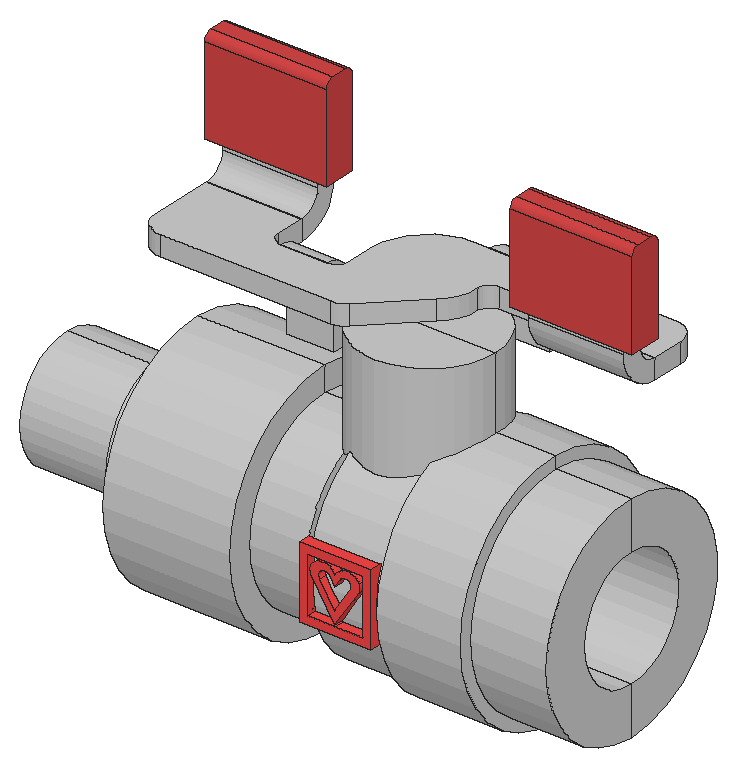
Revit family "Kugelhahn mit Knebelgriff (Blech) 2211", category Rohrzubehör, Revit 2019
Family settings
  Bemaßung runder Anschluss = Durchmesser verwenden
  Teiletyp = Unterbricht
  OmniClass-Nummer = 23.65.55.14
  OmniClass-Titel = Valves for Liquid Services
  Arbeitsebenenbasiert = Nein
  Immer vertikal = Ja
  Beim Laden mit Abzugskörper schneiden = Nein
  Gemeinsam genutzt = Nein
Parameters
  Min.Betriebstemperatur (Wasser) = 0.5 °C  # constant formula
  Min.Betriebstemperatur = -30 °C  # constant formula
  Max.Betriebstemperatur (Wasser - kein Dampf) = 110 °C  # constant formula
  Max.Betriebstemperatur = 150 °C  # constant formula
  Max.Betriebsdruck (Verschraubung) = 1600000.0 Pa  # constant formula
  Max.Betriebsdruck = 2500000.0 Pa  # constant formula
  W01 = 135.00°  # constant formula
  VRL02 [instance] = size_lookup("2211_3X_", "VRL2", 1.000 mm, Nennweite)  # 16.500 mm
  VRL01 [instance] = size_lookup("2211_3X_", "VRL1", 1.000 mm, Nennweite)  # 16.000 mm
  VRD02 [instance] = size_lookup("2211_3X_", "VRD2", 1.000 mm, Nennweite)  # 15.000 mm
  VRD01 [instance] = size_lookup("2211_3X_", "VRD1", 1.000 mm, Nennweite)  # 10.500 mm
  URL = "www.herz-armaturen.at"
  Spindeldichtung = "PTFE"  # constant formula
  Spindel = "Messing nach EN 12164, CW614N"  # constant formula
  SCRNSEQ = "ARM;ARM_TYP=\"ABVS\";2"
  SCRNCODE = "05;10;02"  # constant formula
  S04 [instance] = L07 + VRL01 + VRL02  # 45.600 mm
  S03 = 10.000 mm  # constant formula
  S02 [instance] = 2 * D01  # 19.050 mm
  S01 [instance] = L01 + L02 + L06  # 47.100 mm
  R01 [instance] = size_lookup("2211_3X_", "R1", 1.000 mm, Nennweite)  # 8.500 mm
  Nennweite [instance] = 15.000 mm
  Medium = "Heizungswasserqualität nach ÖNORM H 5195 oder VDI-Richtline 2035.\r\nDie Verwendung von Ethylen- oder Propylenglykol in einem Mischungsverhältnis 25 - 50% ist zulässig."
  L07 [instance] = L01 - L03  # 13.100 mm
  L06 [instance] = size_lookup("2211_3X_", "L6", 1.000 mm, Nennweite)  # 9.600 mm
  L05 [instance] = size_lookup("2211_3X_", "L5", 1.000 mm, Nennweite)  # 19.900 mm
  L04 [instance] = size_lookup("2211_3X_", "L4", 1.000 mm, Nennweite)  # 10.500 mm
  L03 [instance] = size_lookup("2211_3X_", "L3", 1.000 mm, Nennweite)  # 8.400 mm
  L02 [instance] = size_lookup("2211_3X_", "L2", 1.000 mm, Nennweite)  # 16.000 mm
  L01 [instance] = size_lookup("2211_3X_", "L1", 1.000 mm, Nennweite)  # 21.500 mm
  Kugeldichtung = "PTFE"  # constant formula
  Kugel = "geschmiedetes Messing nach EN 12165, voller Durchgang, verchromt, CW617N"  # constant formula
  Innengewinde = "nach ISO 228-1"  # constant formula
  IG [instance] = Nennweite / 2  # 7.500 mm
  Hersteller = "HERZ Armaturen Ges.m.b.H"  # constant formula
  H01 [instance] = size_lookup("2211_3X_", "H1", 1.000 mm, Nennweite)  # 24.000 mm
  Griff = "Knebelgriff rot, Stahlblech beschichtet"  # constant formula
  Gewicht [instance] = if(Nennweite = 15.000 mm, 0.23, if(Nennweite = 20.000 mm, 0.382, if(Nennweite = 25.000 mm, 0.669, if(Nennweite = 32.000 mm, 1.022, 0))))  # 0.23
  Gehäuse = "geschmiedetes Messing nach EN 12165, vernickelt, CW617N"  # constant formula
  GT1 [instance] = size_lookup("2211_3X_", "GT1", 1.000 mm, Nennweite)  # 10.000 mm
  GT [instance] = size_lookup("2211_3X_", "GT", 1.000 mm, Nennweite)  # 13.200 mm
  Einsatzbereich = "Kugelhähne werden zum Absperren von Leitungen und Anlagen verwendet.\r\nEinsatzbereiche sind Heizungs- und Kälteanlagen.\r\nDer Kugelhahn ist nicht geeignet für die Durchflussregelung und muss immer in voll geöffneter oder geschlossener Position verwendet werden."
  Dichtung (Verschraubung) DN32-DN50 = "KLINGER (Flachdichtung)"  # constant formula
  Dichtung (Verschraubung) DN15-DN25 = "EPDM (O-Ring)"  # constant formula
  DN25-DN32 [instance] = if(Nennweite = 25.000 mm, 38.000 mm, 43.000 mm)  # 43.000 mm
  DN25+DN32 [instance] = or(Nennweite = 25.000 mm, Nennweite = 32.000 mm)  # no
  DN15-DN20 [instance] = if(Nennweite = 15.000 mm, 28.000 mm, 31.000 mm)  # 28.000 mm
  DN15+DN20 [instance] = or(Nennweite = 15.000 mm, Nennweite = 20.000 mm)  # yes
  D05 [instance] = size_lookup("2211_3X_", "D5", 1.000 mm, Nennweite)  # 13.500 mm
  D04 [instance] = size_lookup("2211_3X_", "D4", 1.000 mm, Nennweite)  # 14.000 mm
  D03 [instance] = size_lookup("2211_3X_", "D3", 1.000 mm, Nennweite)  # 15.000 mm
  D02 [instance] = size_lookup("2211_3X_", "D2", 1.000 mm, Nennweite)  # 12.000 mm
  D01 [instance] = size_lookup("2211_3X_", "D1", 1.000 mm, Nennweite)  # 9.525 mm
  Bestellnummer [instance] = size_lookup("2211_3X_", "Artnr", 0, Nennweite)  # 1221131
  Außengewinde = "nach ISO 7-1"  # constant formula
  Anwendungen = "Der Kugelhahn wird in der Installation als Absperreinrichtung verwendet.\r\nAnwendungsgebiete sind Zentralheizungs- und Kälteanlagenlagen.\r\nDie Betriebsbedingungen (wie Temperatur und Druck) sollten konstant gehalten werden."
  AG [instance] = Nennweite / 2  # 7.500 mm
Reference planes
  plane 1 "Mitte (Vorne/hinten)": y = 0
  plane 2: z = 0
  plane 3 "Mitte (Links/rechts)": x = 0
Forms (mm)
  Revolve 1, solid, material "Messing, vernickelt", detail levels fine
    sketch origin (0, 0, 0) x (1, 0, 0) y (0, 0, 1)
      loop
        line (16, 13.5) -> (16, 15) -> (5.5, 15) -> (5.5, 14) -> (-3.9, 14) -> (-5.9, 12) -> (-13.1, 12) -> (-13.1, 9.525) -> (-21.5, 9.525) -> (-21.5, 0) -> (15.6, 0) -> (15.6, 7.5) -> (25.6, 7.5) -> (25.6, 13.5) -> (16, 13.5)
      axis (-21.5, 0) -> (25.6, 0)
    angle from 0 to 360
  Revolve 2, solid, material "Messing, vernickelt", detail levels fine
    sketch origin (0, 0, 0) x (1, 0, 0) y (0, 0, 1)
      loop
        line (0, 0) -> (5.522, 0) -> (5.522, 8.202) -> (8.5, 8.202) -> (8.5, 24) -> (0, 24) -> (0, 0)
      axis (0, 24) -> (0, 0)
    angle from 0 to 360
  Revolve 3, solid, material "Messing, vernickelt", detail levels fine
    sketch origin (0, 0, 0) x (1, 0, 0) y (0, 0, 1)
      loop
        line (-13.1, 9.525) -> (-13.1, 15) -> (-29.1, 15) -> (-29.1, 10.5) -> (-32.4, 10.5) -> (-32.4, 7.5) -> (-45.6, 7.5) -> (-45.6, 0) -> (-21.5, 0) -> (-21.5, 9.525) -> (-13.1, 9.525)
      axis (-45.6, 0) -> (-13.1, 0)
    angle from 0 to 360
Lines and regions (mm)
  model lines, detail levels coarse+medium
    curve 1: line (-23.55, 9.525, 0) -> (-23.55, -9.525, 0)
    curve 2: line (-23.55, -9.525, 0) -> (23.55, 9.525, 0)
    curve 3: line (23.55, 9.525, 0) -> (23.55, -9.525, 0)
    curve 4: line (23.55, -9.525, 0) -> (-23.55, 9.525, 0)
    curve 5: circle (0, 0, 0) r 9.525 normal (0, 0, 1)
    curve 6: line (-23.55, 0, 9.525) -> (-23.55, 0, -9.525)
    curve 7: line (-23.55, 0, -9.525) -> (23.55, 0, 9.525)
    curve 8: line (23.55, 0, 9.525) -> (23.55, 0, -9.525)
    curve 9: line (23.55, 0, -9.525) -> (-23.55, 0, 9.525)
    curve 10: circle (0, 0, 0) r 9.525 normal (0, -1, 0)
    curve 11: line (-23.55, 0, 9.525) -> (-33.55, 0, 9.525)
    curve 12: line (-33.55, 0, 9.525) -> (-23.55, 0, 0)
    curve 13: line (-23.55, 0, -9.525) -> (-33.55, 0, -9.525)
    curve 14: line (-33.55, 0, -9.525) -> (-23.55, 0, 0)
    curve 15: line (-23.55, 0, 0) -> (-45.6, 0, 0)
    curve 16: line (-23.55, 9.525, 0) -> (-33.55, 9.525, 0)
    curve 17: line (-33.55, 9.525, 0) -> (-23.55, 0, 0)
    curve 18: line (-23.55, -9.525, 0) -> (-33.55, -9.525, 0)
    curve 19: line (-33.55, -9.525, 0) -> (-23.55, 0, 0)
    curve 20: line (-23.55, 0, 0) -> (-45.6, 0, 0)
Dimensions and locks
  "L01": Revolve 1 sketch curve to plane 3 "Mitte (Links/rechts)"
  "L02": Revolve 1 sketch curve to plane 3 "Mitte (Links/rechts)"
  "D01": Revolve 1 sketch curve to plane 2
  "D02": Revolve 1 sketch curve to plane 2
  "L03": Revolve 1 sketch curve to Revolve 1 sketch curve
  "R01": Revolve 2 sketch curve to plane 3 "Mitte (Links/rechts)"
  "H01": Revolve 2 sketch curve to plane 2
  "D03": Revolve 1 sketch curve to plane 2
  "D04": Revolve 1 sketch curve to plane 2
  "L04": Revolve 1 sketch curve to Revolve 1 sketch curve
  "L05": Revolve 1 sketch curve to Revolve 1 sketch curve
  "IG": Revolve 1 sketch curve to Revolve 1 sketch curve
  "GT1": Revolve 1 sketch curve to Revolve 1 sketch curve
  "L06": Revolve 1 sketch curve to Revolve 1 sketch curve
  "D05": Revolve 1 sketch curve to Revolve 1 sketch curve
  "D04": nested 1 to plane 1 "Mitte (Vorne/hinten)"
  equal spacing: curve 2, plane 1 "Mitte (Vorne/hinten)", curve 4
  equal spacing: curve 4, plane 1 "Mitte (Vorne/hinten)", curve 3
  "S02": curve 4 to curve 2
  "S02": curve 3 to curve 4
  equal spacing: curve 1, plane 3 "Mitte (Links/rechts)", curve 3
  "S01": curve 1 to curve 3
  "S02": curve 9 to curve 7
  equal spacing: curve 9, plane 2, curve 7
  equal spacing: curve 8, plane 2, curve 9
  "S02": curve 8 to curve 9
  "S01": curve 6 to curve 8
  equal spacing: curve 6, plane 3 "Mitte (Links/rechts)", curve 8
  "AG": Revolve 3 sketch curve to plane 2
  "D01": Revolve 3 sketch curve to Revolve 3 sketch curve
  "L03": Revolve 3 sketch curve to Revolve 3 sketch curve
  "L07": plane 3 "Mitte (Links/rechts)" to Revolve 3 sketch curve
  "VRL01": Revolve 3 sketch curve to Revolve 3 sketch curve
  "VRL02": Revolve 3 sketch curve to Revolve 3 sketch curve
  "GT": Revolve 3 sketch curve to Revolve 3 sketch curve
  "VRD01": Revolve 3 sketch curve to level
  "VRD02": Revolve 3 sketch curve to Revolve 3 sketch curve
  "S04": plane 3 "Mitte (Links/rechts)" to curve 15
  "S03": curve 12 to curve 6
  "S03": curve 17 to curve 1
  "S04": curve 20 to plane 3 "Mitte (Links/rechts)"
  "DN15-DN20": nested 2 to plane 2
  "DN25-DN32": nested 3 to plane 2
  "S02": diameter of curve 5
  "S02": diameter of curve 10
  "W01": angle Revolve 1 sketch curve to Revolve 1 sketch curve
  aligned and locked: level to plane 2
Automatic sketch dimensions
  curve 10 to level = 0.000 mm
  curve 10 to plane 3 "Mitte (Links/rechts)" = 0.000 mm
  curve 15 to level = 0.000 mm
  curve 12 to level = 0.000 mm
  curve 13 to curve 6 = 10.000 mm
  plane 1 "Mitte (Vorne/hinten)" to curve 5 = 0.000 mm
  curve 5 to plane 3 "Mitte (Links/rechts)" = 0.000 mm
  plane 1 "Mitte (Vorne/hinten)" to curve 20 = 0.000 mm
  plane 1 "Mitte (Vorne/hinten)" to curve 19 = 0.000 mm
  curve 18 to curve 1 = 10.000 mm
  Revolve 1 sketch curve to level = 0.000 mm  (x2)
  Revolve 1 sketch curve to Revolve 1 sketch curve = 1481.630 mm
  Revolve 1 sketch curve to Revolve 1 sketch curve = 1814.648 mm
  Revolve 2 sketch curve to level = 0.000 mm
  Revolve 2 sketch curve to plane 3 "Mitte (Links/rechts)" = 0.000 mm  (x2)
  plane 3 "Mitte (Links/rechts)" to Revolve 2 sketch curve = 5.522 mm
  level to Revolve 2 sketch curve = 8.202 mm
  Revolve 2 sketch curve to Revolve 2 sketch curve = 366.045 mm
  Revolve 2 sketch curve to Revolve 2 sketch curve = 2190.315 mm
  Revolve 3 sketch curve to level = 0.000 mm  (x2)
  Revolve 3 sketch curve to Revolve 3 sketch curve = 1461.804 mm
  plane 3 "Mitte (Links/rechts)" to Revolve 3 sketch curve = 1839.148 mm
Nested families
  nested 1: "Herz-Logo-vorne" at (0, -14, 0) x (0, 1, 0) z (0, 0, 1), type "Herz-Logo-vorne", detail levels fine
  nested 2: "Knebelgriff (Blech) DN15-DN20" at (0, 0, 28), visible <- "DN15+DN20", type "Knebelgriff (Blech) DN15-DN20"
  nested 3: "Knebelgriff (Blech) DN25-DN32" at (0, 0, 43), visible <- "DN25+DN32", type "Knebelgriff (Blech) DN25-DN32"
Connectors
  piping at (6.5, 0, 0), diameter 15, driven by "Nennweite"
    settings: on Revolve 1, index 1, connector inside diameter 609.6 mm, connector length 0.000 mm, flow factor 0, pipe flow 0.0 L/s, pressure drop 0.0 Pa, fitting loss kfactor 0, connector angle 0.00°, fixture units 0, engagement length 0.000 mm, angle of deflection 0.00°, flow configuration 0, flow direction 0, fitting loss method 0, system type 7, joint type 0, gender type 0, connector reference index -1, connector utility 0, adjustable connector no, is connector primary yes, connector description ""
  piping at (-45.6, 0, 0), diameter 15, driven by "Nennweite"
    settings: on Revolve 3, index 2, connector inside diameter 609.6 mm, connector length 0.000 mm, flow factor 0, pipe flow 0.0 L/s, pressure drop 0.0 Pa, fitting loss kfactor 0, connector angle 0.00°, fixture units 0, engagement length 0.000 mm, angle of deflection 0.00°, flow configuration 0, flow direction 0, fitting loss method 0, system type 7, joint type 0, gender type 0, connector reference index -1, connector utility 0, adjustable connector no, is connector primary no, connector description ""
Definition of nested family "Herz-Logo-vorne"
  Reference planes
    plane 1 "Mitte (Vorne/hinten)": y = 0
    plane 2: z = 0
    plane 3 "Mitte (Links/rechts)": x = 0
  Forms (mm)
    Extrusion 1, solid
      sketch origin (0.732, -0.018, 0.017) x (0, -1, 0) y (0, 0, 1)
        loop
          line (-0.018, -4.517) -> (4.482, -4.517) -> (4.482, 4.483) -> (-4.518, 4.483) -> (-4.518, -4.517) -> (-0.018, -4.517)
        loop
          line (-0.05, -3.48) -> (3.482, -3.48) -> (3.482, 3.483) -> (-3.518, 3.483) -> (-3.518, -3.48) -> (-0.05, -3.48)
        loop
          arc (-0.018, 2.383) -> (-1.543, 3.287) -> (-3.067, 2.383) r 1.738
          arc (-3.067, 2.383) -> (-3.191, 1.899) -> (-3.067, 1.415) r 1.009
          line (-3.067, 1.415) -> (-0.018, -3.281) -> (3.032, 1.415)
          arc (3.032, 1.415) -> (3.156, 1.899) -> (3.032, 2.383) r 1.009
          arc (3.032, 2.383) -> (1.507, 3.287) -> (-0.018, 2.383) r 1.738
        loop
          arc (1.885, 1.272) -> (2.005, 1.675) -> (1.885, 2.079) r 0.74
          arc (1.885, 2.079) -> (1.265, 2.416) -> (0.644, 2.079) r 0.74
          line (0.644, 2.079) -> (-0.018, 0.97) -> (-0.679, 2.079)
          arc (-0.679, 2.079) -> (-1.3, 2.416) -> (-1.921, 2.079) r 0.74
          arc (-1.921, 2.079) -> (-2.04, 1.675) -> (-1.921, 1.272) r 0.74
          line (-1.921, 1.272) -> (-0.018, -1.658) -> (1.885, 1.272)
      from 0 to 1.5
  Dimensions and locks
    aligned and locked: level to plane 2
Definition of nested family "Knebelgriff (Blech) DN15-DN20"
  Reference planes
    plane 1 "Mitte (Vorne/hinten)": y = 0
    plane 2: z = 0
    plane 3 "Mitte (Links/rechts)": x = 0
  Forms (mm)
    Extrusion 1, solid, detail levels fine
      sketch origin (0, 0, 0) x (1, 0, 0) y (0, 1, 0)
        loop
          line (-7, 0) -> (-7, -3.8)
          arc (-7, -3.8) -> (-7.439, -4.861) -> (-8.5, -5.3) r 1.5
          line (-8.5, -5.3) -> (-14.5, -5.3)
          arc (-14.5, -5.3) -> (-15.561, -4.861) -> (-16, -3.8) r 1.5
          line (-16, -3.8) -> (-16, 0) -> (-28, 0) -> (-28, -8.1)
          arc (-28, -8.1) -> (-27.121, -10.221) -> (-25, -11.1) r 3
          line (-25, -11.1) -> (-3.453, -11.1)
          arc (-3.453, -11.1) -> (-2.496, -10.91) -> (-1.685, -10.368) r 2.5
          line (-1.685, -10.368) -> (4.443, -4.24)
          arc (4.443, -4.24) -> (5.743, -2.295) -> (6.2, 0) r 6
          arc (6.2, 0) -> (6.64, 1.06) -> (7.7, 1.499) r 1.5
          line (7.7, 1.499) -> (15.1, 1.499)
          arc (15.1, 1.499) -> (16.16, 1.06) -> (16.6, 0) r 1.5
          line (16.6, 0) -> (28.6, 0) -> (28.6, 4)
          arc (28.6, 4) -> (27.721, 6.121) -> (25.6, 7) r 3
          line (25.6, 7) -> (0, 7)
          arc (0, 7) -> (-4.95, 4.95) -> (-7, 0) r 7
      from 0 to 2.5
    Extrusion 2, solid, detail levels fine
      sketch origin (0, 0, 0) x (0, 1, 0) y (0, 0, 1)
        loop
          arc (2.5, 5) -> (1.768, 3.232) -> (0, 2.5) r 2.5
          line (0, 2.5) -> (0, 0)
          arc (0, 0) -> (3.536, 1.464) -> (5, 5) r 5
          line (5, 5) -> (5, 6) -> (2.5, 6) -> (2.5, 5)
      from -28 to -16
    Extrusion 3, solid, detail levels fine
      sketch origin (0, 5.3, 0) x (0, 1, 0) y (0, 0, 1)
        loop
          line (-7.8, 5) -> (-7.8, 6) -> (-10.3, 6) -> (-10.3, 5)
          arc (-10.3, 5) -> (-8.836, 1.464) -> (-5.3, 0) r 5
          line (-5.3, 0) -> (-5.3, 2.5)
          arc (-5.3, 2.5) -> (-7.068, 3.232) -> (-7.8, 5) r 2.5
      from 16.6 to 28.6
    Extrusion 4, solid, detail levels fine
      sketch origin (0, 0, 0) x (0, 1, 0) y (0, 0, 1)
        loop
          line (5.75, 6) -> (5.75, 17.041)
          arc (5.75, 17.041) -> (5.469, 17.719) -> (4.791, 18) r 0.959
          line (4.791, 18) -> (2.773, 18)
          arc (2.773, 18) -> (2.05, 17.7) -> (1.75, 16.977) r 1.023
          line (1.75, 16.977) -> (1.75, 6) -> (5.75, 6)
      from -29.7 to -14.3
    Extrusion 5, solid, detail levels fine
      sketch origin (0, 0, 0) x (0, 1, 0) y (0, 0, 1)
        loop
          line (-5.75, 6) -> (-1.75, 6) -> (-1.75, 17)
          arc (-1.75, 17) -> (-2.043, 17.707) -> (-2.75, 18) r 1
          line (-2.75, 18) -> (-4.75, 18)
          arc (-4.75, 18) -> (-5.457, 17.707) -> (-5.75, 17) r 1
          line (-5.75, 17) -> (-5.75, 6)
      from 30.3 to 14.9
    Extrusion 6, solid, detail levels fine
      sketch origin (0, 0, 0) x (0, 1, 0) y (0, 0, 1)
        loop
          line (9, -2) -> (9, -8) -> (11.5, -8) -> (11.5, -2)
          arc (11.5, -2) -> (10.182, 1.182) -> (7, 2.5) r 4.5
          line (7, 2.5) -> (7, 0)
          arc (7, 0) -> (8.414, -0.586) -> (9, -2) r 2
      from 8.1 to 2.1
    Extrusion 7, solid, detail levels fine
      sketch origin (0, 0, 0) x (0, 1, 0) y (0, 0, 1)
        loop
          line (-4.3, -1) -> (-4.3, -8) -> (-1.8, -8) -> (-1.8, -1)
          arc (-1.8, -1) -> (-2.825, 1.475) -> (-5.3, 2.5) r 3.5
          line (-5.3, 2.5) -> (-5.3, 0)
          arc (-5.3, 0) -> (-4.593, -0.293) -> (-4.3, -1) r 1
      from -14.5 to -8.5
  Dimensions and locks
    aligned and locked: level to plane 2
Definition of nested family "Knebelgriff (Blech) DN25-DN32"
  Reference planes
    plane 1 "Mitte (Vorne/hinten)": y = 0
    plane 2: z = 0
    plane 3 "Mitte (Links/rechts)": x = 0
  Forms (mm)
    Extrusion 1, solid, detail levels fine
      sketch origin (0, 0, 0) x (1, 0, 0) y (0, 1, 0)
        loop
          arc (0, 9) -> (-6.364, 6.364) -> (-9, 0) r 9
          line (-9, 0) -> (-9, -4.1)
          arc (-9, -4.1) -> (-9.439, -5.161) -> (-10.5, -5.6) r 1.5
          line (-10.5, -5.6) -> (-20, -5.6)
          arc (-20, -5.6) -> (-21.061, -5.161) -> (-21.5, -4.1) r 1.5
          line (-21.5, -4.1) -> (-21.5, 0) -> (-39.1, 0) -> (-39.1, -10.6)
          arc (-39.1, -10.6) -> (-38.221, -12.721) -> (-36.1, -13.6) r 3
          line (-36.1, -13.6) -> (-10.5, -13.6)
          arc (-10.5, -13.6) -> (-8.037, -13.275) -> (-5.742, -12.323) r 9.5
          line (-5.742, -12.323) -> (0, -9)
          arc (0, -9) -> (2.463, -8.675) -> (4.758, -7.723) r 9.5
          line (4.758, -7.723) -> (16.029, -0.25)
          arc (16.029, -0.25) -> (16.522, 0.291) -> (16.7, 1) r 1.5
          arc (16.7, 1) -> (17.139, 2.061) -> (18.2, 2.5) r 1.5
          line (18.2, 2.5) -> (20.9, 2.5)
          arc (20.9, 2.5) -> (21.961, 2.061) -> (22.4, 1) r 1.5
          line (22.4, 1) -> (22.4, 0) -> (40, 0) -> (40, 7.5)
          arc (40, 7.5) -> (39.121, 9.621) -> (37, 10.5) r 3
          line (37, 10.5) -> (2.1, 10.5) -> (2.1, 9) -> (0, 9)
      from 0 to 3
    Extrusion 2, solid, detail levels fine
      sketch origin (0, 0, 0) x (0, 1, 0) y (0, 0, 1)
        loop
          arc (3, 6) -> (2.121, 3.879) -> (0, 3) r 3
          line (0, 3) -> (0, 0)
          arc (0, 0) -> (4.243, 1.757) -> (6, 6) r 6
          line (6, 6) -> (3, 6)
      from -39.1 to -21.5
    Extrusion 3, solid, detail levels fine
      sketch origin (0, 0, 0) x (0, 1, 0) y (0, 0, 1)
        loop
          arc (0, 3) -> (-2.121, 3.879) -> (-3, 6) r 3
          line (-3, 6) -> (-6, 6)
          arc (-6, 6) -> (-4.243, 1.757) -> (0, 0) r 6
          line (0, 0) -> (0, 3)
      from 22.4 to 40
    Extrusion 4, solid, detail levels fine
      sketch origin (0, 0, 0) x (0, 1, 0) y (0, 0, 1)
        loop
          line (7.5, 6) -> (7.5, 24.5)
          arc (7.5, 24.5) -> (7.061, 25.561) -> (6, 26) r 1.5
          line (6, 26) -> (3, 26)
          arc (3, 26) -> (1.939, 25.561) -> (1.5, 24.5) r 1.5
          line (1.5, 24.5) -> (1.5, 6) -> (7.5, 6)
      from -42.05 to -18.55
    Extrusion 5, solid, detail levels fine
      sketch origin (0, 0, 0) x (0, 1, 0) y (0, 0, 1)
        loop
          line (-7.5, 6) -> (-1.5, 6) -> (-1.5, 24.5)
          arc (-1.5, 24.5) -> (-1.939, 25.561) -> (-3, 26) r 1.5
          line (-3, 26) -> (-6, 26)
          arc (-6, 26) -> (-7.061, 25.561) -> (-7.5, 24.5) r 1.5
          line (-7.5, 24.5) -> (-7.5, 6)
      from 19.45 to 42.95
    Extrusion 6, solid, detail levels fine
      sketch origin (0, 0, 0) x (0, 1, 0) y (0, 0, 1)
        loop
          arc (14, -0.5) -> (12.975, 1.975) -> (10.5, 3) r 3.5
          line (10.5, 3) -> (10.5, 0)
          arc (10.5, 0) -> (10.854, -0.146) -> (11, -0.5) r 0.5
          line (11, -0.5) -> (11, -9) -> (14, -9) -> (14, -0.5)
      from 2.1 to 8.1
    Extrusion 7, solid, detail levels fine
      sketch origin (0, -16.1, 0) x (0, 1, 0) y (0, 0, 1)
        loop
          arc (14, -0.5) -> (12.975, 1.975) -> (10.5, 3) r 3.5
          line (10.5, 3) -> (10.5, 0)
          arc (10.5, 0) -> (10.854, -0.146) -> (11, -0.5) r 0.5
          line (11, -0.5) -> (11, -9) -> (14, -9) -> (14, -0.5)
      from -12 to -18
  Dimensions and locks
    aligned and locked: level to plane 2
